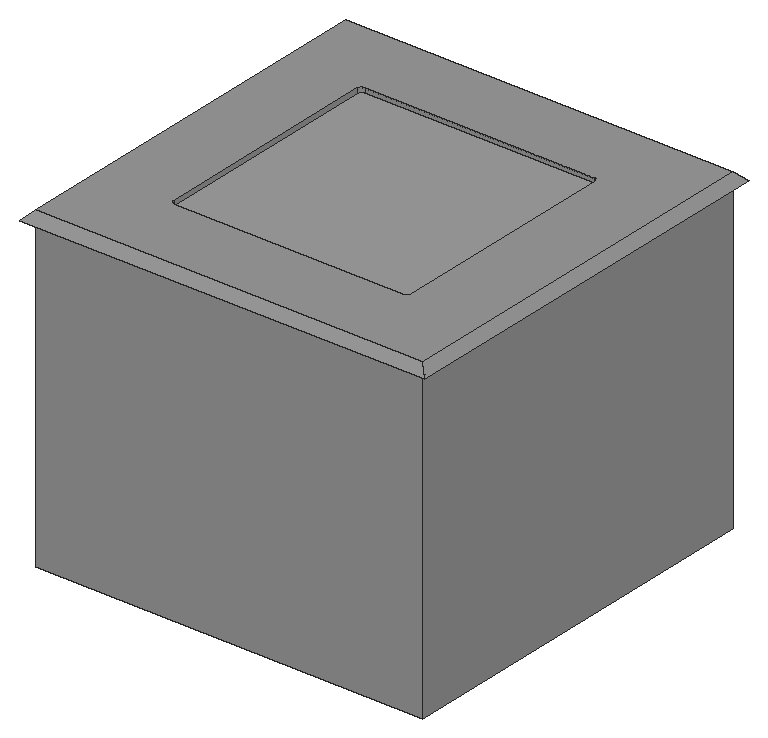
Revit family "4069237", category Lighting Fixtures, host Face, Revit 2017
Family settings
  Host = Face
  Round Connector Dimension = Use Diameter
  Part Type = Normal
  OmniClass Number = 23.80.70.00
  OmniClass Title = Lighting
  Cut with Voids When Loaded = No
  Light Source = Yes
  Shared = No
  Room Calculation Point = No
Parameters (values of type "4069237 PATHE/G/S2 NAR 75LM LED 3K")
  Width_SYL = 95 mm
  Weight = "0.655 kg"
  Wattage Comments = ""
  Wattage = 1.5 W
  WarrantyStartDate [instance] = "n/a"
  WarrantyGuarantorParts = "n/a"
  WarrantyDurationUnit = "n/a"
  WarrantyDurationParts = "n/a"
  WarrantyDescription = "n/a"
  built-in parameter 1150110 = 1 (stored number, unit not read)
  Voltage = 230 V
  URL = "http://www.sylvania-lighting.com"
  TypeName = "PATHE/GROUND/SQUARE2 NARROW 75LM LED 3K"
  Type Image = <None>
  Type Comments = "n/a"
  built-in parameter 1114217 = 1 (stored number, unit not read)
  Tilt Angle = -90.00°
  built-in parameter 1150109 = 1 (stored number, unit not read)
  built-in parameter 1150134 = (empty or 0)
  built-in parameter 1150113 = 1 (stored number, unit not read)
  SerialNumber [instance] = "n/a"
  Photometric Web File = "4069237.ies"
  Material_3_SYL = none
  PowerFactor = 0
  PowerConsumption = "1.5 W"
  NominalLength = 95 mm
  NominalHeight = 75 mm
  NominalDepth = 95 mm
  Name = "PATHE/GROUND/SQUARE2 NARROW 75LM LED 3K"
  ModelReference = Name  # "PATHE/GROUND/SQUARE2 NARROW 75LM LED 3K"
  ModelNumber = "4069237"
  Model = Name  # "PATHE/GROUND/SQUARE2 NARROW 75LM LED 3K"
  Material = "aluminium housing, uv stabilized pc polycarbonate diffuser"
  ManufacturerName = "Feilo Sylvania"
  Manufacturer = "Feilo Sylvania"
  LuminousEfficacy = "50 lm/W"
  built-in parameter 1150105 = 5.9683 (stored number, unit not read)
  Lumens = 75 lm
  LuminaireType = ""
  built-in parameter 1150115 = 1 (stored number, unit not read)
  LightOutputRatio = "100"
  built-in parameter 1150137 = (empty or 0)
  built-in parameter 1150139 = (empty or 0)
  LampsType = Lamp  # "LED"
  LampNominalLuminous = "75 lm"
  LampMacAdamStep = "n/a"
  LampColourTemperature = "3000 K"
  LampColourRenderingIndex = "80"
  built-in parameter 1150112 = 1 (stored number, unit not read)
  built-in parameter 1150114 = 1 (stored number, unit not read)
  Lamp = "LED"
  Keynote = "16500"
  InstallationDate [instance] = "n/a"
  InputVoltage = "220-240 V AC"
  InputNominalFrequency = "50/60 Hz"
  built-in parameter 1150132 = (empty or 0)
  built-in parameter 1150102 = (empty or 0)
  built-in parameter 1150107 = 3000 (stored number, unit not read)
  built-in parameter 1150138 = (empty or 0)
  IngressProtection = "IP67"
  ImpactProtectionIndex = "IK08"
  built-in parameter 1150106 = 0.059683 (stored number, unit not read)
  IfcExportType = "IfcLightFixtureType"
  IfcExportAs = "IfcLightFixtureType"
  Height_SYL = 75 mm
  HeightAboveGround_SYL = 2 mm
  Emit from Rectangle Width = DiffuserCutOut_SYL  # 55.882 mm
  Emit from Rectangle Length = DiffuserCutOut_SYL  # 55.882 mm
  Emit Shape Visible in Rendering = no
  ElectricShockClassification = "Class I"
  built-in parameter 1150104 = 4.6452 (stored number, unit not read)
  DocumentationLiterature = "http://www.sylvania-lighting.com/product/en-int/products/4069237"
  DimmingControlOptions = "Non dimmable"
  Material_2_SYL = Default
  Dimming Lamp Color Temperature Shift = <None>
  DiffuserCutOut_SYL = 55.882 mm
  Description = "Square recessed ground luminaireCorrosion resistant die-cast aluminium, 75lm, 1.5W, 50lm/W, 3000K, CRI80+, 10°, non dimmable, IP67, IK08,  (HxWxD) 95x95x75mm, 3 step MacAdam ellipse, Class I, 220-240V, A++ A+ A"
  Default Elevation = 1219.2 mm
  CreatedOn = "1/21/2020"
  CreatedBy = "@sylvania-lighting.com"
  Cost = 0
  Color Filter = 16777215
  built-in parameter 1114216 [instance] = (empty or 0)
  ClassificationValue = "EF_70_80"
  ClassificationName = "Uniclass2015"
  Material_1_SYL = Aluminum
  ChamferWidth_SYL = HeightAboveGround_SYL  # 2 mm
  BarCode [instance] = "n/a"
  built-in parameter 1114218 = 1 (stored number, unit not read)
  built-in parameter 1150133 = 10 (stored number, unit not read)
  AssetType = "Fixed"
  AssetIdentifier [instance] = "n/a"
  Assembly Code = "D5020200"
  Apparent Load = 1.5 VA
  Material_4_SYL = none
Reference planes
  plane 1 "Center (Front/Back)": y = 0
  plane 2: z = 0
  plane 3 "Center (Left/Right)": x = 0
  plane 4: x = 47.5
  plane 5: x = -47.5
  plane 6: y = 47.5
  plane 7: y = -47.5
  plane 8: x = -27.941
  plane 9: x = 27.941
  plane 10: y = 27.941
  plane 11: y = -27.941
  plane 12: z = 2
  plane 13: x = -45.5
  plane 14: y = 45.5
  plane 15: x = 45.5
  plane 16: y = -45.5
  plane 17: z = -73
  plane 18: z = 1
Forms (mm)
  Extrusion 1, void
    sketch origin (0, 0, 0) x (1, 0, 0) y (0, 1, 0)
      loop
        line (-45.5, 45.5) -> (-45.5, -45.5) -> (45.5, -45.5) -> (45.5, 45.5) -> (-45.5, 45.5)
    from 0 to -73
  Blend 2, solid, material "Aluminum" <- "Material_1_SYL"
    base sketch origin (0, 0, 0) x (1, 0, 0) y (0, 1, 0)
      loop
        line (-47.5, 47.5) -> (-47.5, -47.5) -> (47.5, -47.5) -> (47.5, 47.5) -> (-47.5, 47.5)
    top sketch origin (0, 0, 0) x (1, 0, 0) y (0, 1, 0)
      loop
        line (-45.5, 45.5) -> (-45.5, -45.5) -> (45.5, -45.5) -> (45.5, 45.5) -> (-45.5, 45.5)
    from 0 to 2
  Extrusion 3, void
    sketch origin (0, 0, 0) x (1, 0, 0) y (0, 1, 0)
      loop
        arc (-26.941, 27.941) -> (-27.648, 27.648) -> (-27.941, 26.941) r 1
        line (-27.941, 26.941) -> (-27.941, -26.941)
        arc (-27.941, -26.941) -> (-27.648, -27.648) -> (-26.941, -27.941) r 1
        line (-26.941, -27.941) -> (26.941, -27.941)
        arc (26.941, -27.941) -> (27.648, -27.648) -> (27.941, -26.941) r 1
        line (27.941, -26.941) -> (27.941, 26.941)
        arc (27.941, 26.941) -> (27.648, 27.648) -> (26.941, 27.941) r 1
        line (26.941, 27.941) -> (-26.941, 27.941)
    from 0 to 2
  Extrusion 4, solid, material "Default" <- "Material_2_SYL"
    sketch origin (0, 0, 0) x (1, 0, 0) y (0, 1, 0)
      loop
        line (27.941, -26.941) -> (27.941, 26.941)
        arc (27.941, 26.941) -> (27.648, 27.648) -> (26.941, 27.941) r 1
        line (26.941, 27.941) -> (-26.941, 27.941)
        arc (-26.941, 27.941) -> (-27.648, 27.648) -> (-27.941, 26.941) r 1
        line (-27.941, 26.941) -> (-27.941, -26.941)
        arc (-27.941, -26.941) -> (-27.648, -27.648) -> (-26.941, -27.941) r 1
        line (-26.941, -27.941) -> (26.941, -27.941)
        arc (26.941, -27.941) -> (27.648, -27.648) -> (27.941, -26.941) r 1
    from 0 to 1
  Extrusion 5, solid, material "Aluminum" <- "Material_1_SYL"
    sketch origin (0, 0, 0) x (1, 0, 0) y (0, 1, 0)
      loop
        line (-45.5, 45.5) -> (-45.5, -45.5) -> (45.5, -45.5) -> (45.5, 45.5) -> (-45.5, 45.5)
    from 0 to -73
Cuts and joins
  Extrusion 3 cuts Blend 2
Dimensions and locks
  equal spacing: host sketch curve, plane 3 "Center (Left/Right)", host sketch curve
  equal spacing: host sketch curve, plane 1 "Center (Front/Back)", host sketch curve
  locked: host sketch curve to host sketch curve at 600  (x2)
  equal spacing: plane 5, plane 3 "Center (Left/Right)", plane 4
  "Width_SYL": plane 5 to plane 4
  equal spacing: plane 7, plane 1 "Center (Front/Back)", plane 6
  "Width_SYL": plane 7 to plane 6
  equal spacing: plane 8, plane 3 "Center (Left/Right)", plane 9
  "DiffuserCutOut_SYL": plane 8 to plane 9
  equal spacing: plane 11, plane 1 "Center (Front/Back)", plane 10
  "DiffuserCutOut_SYL": plane 11 to plane 10
  "HeightAboveGround_SYL": plane 12 to plane 2
  equal spacing: plane 13, plane 3 "Center (Left/Right)", plane 15
  "ChamferWidth_SYL": plane 5 to plane 13
  equal spacing: plane 16, plane 1 "Center (Front/Back)", plane 14
  "ChamferWidth_SYL": plane 14 to plane 6
  "Height_SYL": plane 12 to plane 17
  locked: plane 12 to plane 18 at 1
  aligned and locked: plane 2 to host face
  aligned and locked: level to host face
  aligned and locked: plane 14 to Extrusion 1 sketch curve
  aligned and locked: plane 13 to Extrusion 1 sketch curve
  aligned and locked: Extrusion 1 sketch curve to plane 16
  aligned and locked: Extrusion 1 sketch curve to plane 15
  aligned and locked: plane 17 to Extrusion 1
  aligned and locked: level to Extrusion 1
  aligned and locked: plane 6 to Blend 2 sketch curve
  aligned and locked: plane 5 to Blend 2 sketch curve
  aligned and locked: Blend 2 sketch curve to plane 7
  aligned and locked: Blend 2 sketch curve to plane 4
  aligned and locked: plane 14 to Blend 2 sketch curve
  aligned and locked: plane 13 to Blend 2 sketch curve
  aligned and locked: Blend 2 sketch curve to plane 16
  aligned and locked: Blend 2 sketch curve to plane 15
  aligned and locked: Blend 2 to plane 12
  aligned and locked: Blend 2 to level
  aligned and locked: plane 10 to Extrusion 3 sketch curve
  aligned and locked: plane 8 to Extrusion 3 sketch curve
  aligned and locked: Extrusion 3 sketch curve to plane 11
  aligned and locked: Extrusion 3 sketch curve to plane 9
  aligned and locked: Extrusion 3 to plane 12
  aligned and locked: Extrusion 3 to level
  aligned and locked: Extrusion 4 sketch curve to cut or joined group of Blend 2, Extrusion 3  (x4)
  aligned and locked: Extrusion 4 to plane 18
  aligned and locked: Extrusion 4 to level
  aligned and locked: Extrusion 5 sketch curve to cut or joined group of Blend 2, Extrusion 3  (x4)
  aligned and locked: level to Extrusion 5
  aligned and locked: plane 17 to Extrusion 5
Automatic sketch dimensions
  plane 8 to Extrusion 3 sketch curve = 1 mm  (x2)
  Extrusion 3 sketch curve to plane 9 = 1 mm  (x2)
Connectors
  electrical at (0, 0, -73), driven by "PowerFactor", driven by "Apparent Load", driven by "Voltage"
    settings: on Extrusion 5, index 1, voltage 230 V, apparent load 0 VA, apparent load phase1 1.5 VA, apparent load phase2 0 VA, apparent load phase3 0 VA, power factor 0, load classification "Other", number of poles 1, system type 31, power factor state 1, is connector primary yes, connector utility no, sub classification motor no, connector description ""
